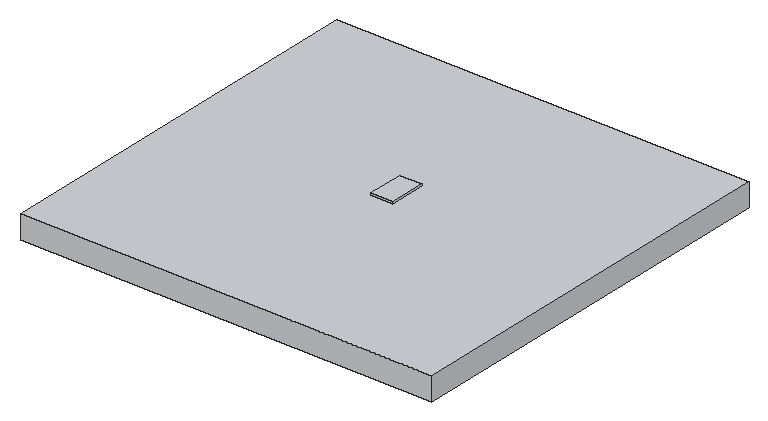
Revit family "86541fa8d75642e1a217c780cc4b1907", category Electrical Fixtures, host Face, Revit 2021
Family settings
  Host = Face
  Maintain Annotation Orientation = Yes
  Round Connector Dimension = Use Diameter
  Part Type = Normal
  OmniClass Number = 23.80.50.11.17
  OmniClass Title = Ground Fault Receptacles
  Seek Item ID = Weather Proof Receptacle-0000-USA-ENU
  Cut with Voids When Loaded = No
  Shared = No
  Room Calculation Point = No
Parameters (values of type "Standard")
  Switch Voltage = 120 V
  Load Classification = Receptacle
  Load = 180 VA
  Label = "WP"
  Default Elevation = 1' - 6"
  Assembly Code = ""
Reference planes (in)
  plane 1 "Center (Front/Back)": y = 0
  plane 2: z = 0
  plane 3 "Center (Left/Right)": x = 0
  plane 4: x = -1.375
  plane 5: x = 1.375
  plane 6: x = -0.75
  plane 7: x = 0.75
  plane 8: y = 2.25
  plane 9: y = -2.25
  plane 10: y = 1.5
  plane 11: y = -1.5
  plane 12 "level above": z = 0.1875
  plane 13 "level below": z = -2.125
Forms (in)
  Extrusion 1, solid
    sketch origin (0, 0, 0) x (1, 0, 0) y (0, 1, 0)
      loop
        line (-25.375, 22.5) -> (-25.375, -26.25) -> (25.375, -26.25) -> (25.375, 22.5) -> (-25.375, 22.5)
    from 0 to -2.86111
  Extrusion 2, solid
    sketch origin (0, 0, 0) x (1, 0, 0) y (0, 1, 0)
      loop
        line (-1.375, 2.25) -> (-1.375, -2.25) -> (1.375, -2.25) -> (1.375, 2.25) -> (-1.375, 2.25)
    from 0 to 0.1875
  Extrusion 3, solid
    sketch origin (0, 0, 0) x (1, 0, 0) y (0, 1, 0)
      loop
        line (-0.75, 1.5) -> (-0.75, -1.5) -> (0.75, -1.5) -> (0.75, 1.5) -> (-0.75, 1.5)
    from 0 to -2.125
Lines and regions (in)
  symbolic lines, detail levels fine
    curve 1: line (1.375, 0, 0) -> (-1.375, 0, 0)
    curve 2: line (1.375, 0, 0.1875) -> (1.375, 0, 0)
    curve 3: line (-1.375, 0, 0.1875) -> (1.375, 0, 0.1875)
    curve 4: line (-1.375, 0, 0) -> (-1.375, 0, 0.1875)
    curve 5: line (0.75, 0, -2.125) -> (-0.75, 0, -2.125)
    curve 6: line (0.75, 0, 0) -> (0.75, 0, -2.125)
    curve 7: line (-0.75, 0, -2.125) -> (-0.75, 0, 0)
Dimensions and locks (in)
  equal spacing: plane 6, plane 3 "Center (Left/Right)", plane 7, locked at 0.75 each
  locked: plane 6 to plane 7 at 1.5
  equal spacing: plane 4, plane 3 "Center (Left/Right)", plane 5, locked at 1.375 each
  locked: plane 4 to plane 5 at 2.75
  locked: plane 8 to plane 9 at 4.5
  locked: plane 12 "level above" to level at 0.1875
  locked: level to plane 13 "level below" at 2.125
  locked: plane 10 to plane 11 at 3
  equal spacing: plane 10, plane 1 "Center (Front/Back)", plane 11, locked at 1.5 each
  equal spacing: plane 8, plane 1 "Center (Front/Back)", plane 9, locked at 2.25 each
  aligned and locked: plane 2 to Extrusion 1
  aligned and locked: level to Extrusion 1
  aligned and locked: plane 8 to Extrusion 2
  aligned and locked: Extrusion 2 to plane 9
  aligned and locked: plane 5 to Extrusion 2
  aligned and locked: Extrusion 2 to plane 4
  aligned and locked: Extrusion 2 to level
  aligned and locked: plane 12 "level above" to Extrusion 2
  aligned and locked: plane 10 to Extrusion 3
  aligned and locked: Extrusion 3 to plane 6
  aligned and locked: plane 7 to Extrusion 3
  aligned and locked: Extrusion 3 to plane 11
  aligned and locked: Extrusion 3 to level
  aligned and locked: Extrusion 3 to plane 13 "level below"
  aligned and locked: curve 4 to plane 4
  aligned and locked: plane 5 to curve 2
  aligned and locked: curve 3 to plane 12 "level above"
  aligned and locked: plane 2 to curve 1
  aligned and locked: curve 7 to plane 6
  aligned and locked: plane 7 to curve 6
  aligned and locked: plane 13 "level below" to curve 5
  aligned and locked: plane 1 "Center (Front/Back)" to nested 1
  aligned and locked: plane 3 "Center (Left/Right)" to nested 1
Automatic sketch dimensions
  Extrusion 2 sketch curve to plane 4 = 0' - 0"
  Extrusion 2 sketch curve to plane 5 = 0' - 0"
  Extrusion 2 sketch curve to plane 9 = 0' - 0"
  Extrusion 2 sketch curve to plane 8 = 0' - 0"
  Extrusion 3 sketch curve to plane 6 = 0' - 0"
  Extrusion 3 sketch curve to plane 7 = 0' - 0"
  Extrusion 3 sketch curve to plane 11 = 0' - 0"
  Extrusion 3 sketch curve to plane 10 = 0' - 0"
  Extrusion 1 sketch curve to Extrusion 1 sketch curve = 4' - 2 3/4"
  Extrusion 1 sketch curve to Extrusion 1 sketch curve = 4' - 0 3/4"
Nested families (in)
  nested 1: "Receptacle Annotation 1" at (0, 0, 0), type "Receptacle Annotation 1", detail levels coarse+medium
Connectors (in)
  electrical at (0, 1.5, -1.0625), driven by "Switch Voltage", driven by "Load", driven by "Load Classification"
    settings: on Extrusion 3, index 1, voltage 120 V, apparent load 0 VA, apparent load phase1 180 VA, apparent load phase2 0 VA, apparent load phase3 0 VA, power factor 1, load classification "Receptacle", number of poles 1, system type 31, power factor state 1, is connector primary yes, connector utility no, sub classification motor no, connector description ""
Definition of nested family "Receptacle Annotation 1"
  Parameters
    Label Annotation = ""
  Reference planes (in)
    plane 1: y = 0
    plane 2: x = 0
  Lines and regions (in)
    reference lines
      curve 1: line (-0.56423, 0.125, 0) -> (0.61164, 0.125, 0)
    detail lines
      curve 2: circle (0, 0.125, 0) r 0.0625 normal (0, 0, 1)
      curve 3: line (-0.01562, 0.18552, 0) -> (-0.01562, 0, 0)
      curve 4: line (0.01563, 0.18552, 0) -> (0.01563, 0, 0)
  Text (in)
    label "CTR" at (0.02512, 0.22432, 0), shows "Label Annotation"
  Dimensions and locks (in)
    locked: plane 1 to curve 1 at 0.125
    locked: curve 3 to plane 2 at 0.01562
    locked: plane 2 to curve 4 at 0.01563
    radius of curve 2 = 0' - 0 1/16"
    aligned and locked: curve 1 to curve 2
    aligned and locked: plane 2 to curve 2
    aligned and locked: plane 1 to curve 4
